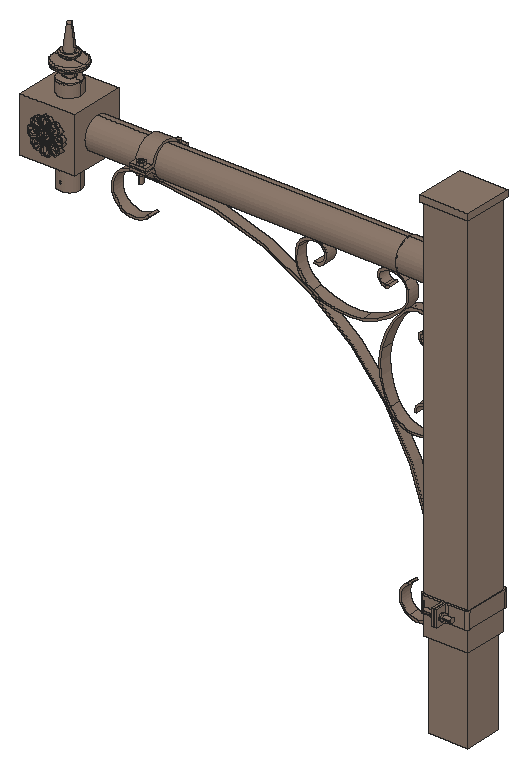
Revit family "PA844", category Generic Models, Revit 2014 (continued)
Forms (in)
  Extrusion 37, solid, material "Bronze, Architectural" <- "ARM"
    sketch origin (213.81534, -9.25, 21.10215) x (0.707107, 0, 0.707107) y (-0.707107, 0, 0.707107)
      loop
        arc (-164.9559, 188.77949) -> (-164.82704, 189.032) -> (-164.72561, 189.29673) r 2.67756
        arc (-164.72561, 189.29673) -> (-164.84823, 189.62242) -> (-165.19363, 189.665) r 0.33619
        arc (-165.19363, 189.665) -> (-165.5385, 189.66131) -> (-165.7324, 189.37609) r 0.37234
        arc (-165.7324, 189.37609) -> (-165.62852, 189.07013) -> (-165.48477, 188.78075) r 2.41708
        arc (-165.48477, 188.78075) -> (-165.47296, 188.79884) -> (-165.4591, 188.81541) r 0.18293
        arc (-165.4591, 188.81541) -> (-165.57146, 189.08202) -> (-165.63463, 189.36437) r 1.6212
        arc (-165.63463, 189.36437) -> (-165.50614, 189.62362) -> (-165.21937, 189.58511) r 0.24827
      loop
        arc (-165.13162, 189.59236) -> (-165.20022, 189.53426) -> (-165.16529, 189.45141) r 0.07594
        arc (-165.16529, 189.45141) -> (-165.03485, 189.15812) -> (-165.13091, 188.85185) r 0.45413
        line (-165.13091, 188.85185) -> (-165.09962, 188.85886)
        arc (-165.09962, 188.85886) -> (-164.95651, 189.0853) -> (-164.90404, 189.34799) r 0.735
        arc (-164.90404, 189.34799) -> (-164.97134, 189.51348) -> (-165.13162, 189.59236) r 0.25115
      loop
        arc (-165.27123, 189.45373) -> (-165.24543, 189.55253) -> (-165.34177, 189.58639) r 0.07538
        arc (-165.34177, 189.58639) -> (-165.47895, 189.50015) -> (-165.53469, 189.34799) r 0.25062
        arc (-165.53469, 189.34799) -> (-165.48171, 189.08402) -> (-165.33723, 188.85683) r 0.735
        line (-165.33723, 188.85683) -> (-165.30495, 188.85683)
        arc (-165.30495, 188.85683) -> (-165.40151, 189.16169) -> (-165.27123, 189.45373) r 0.45011
      loop
        circle (-165.35036, 188.72199) r 0.09375
      loop
        circle (-165.35036, 188.72199) r 0.12852
    from -7 to -6.5
  Extrusion 38, solid, material "Bronze, Architectural" <- "ARM"
    sketch origin (152.08031, -9.25, 202.48818) x (0, 0, 1) y (-1, 0, 0)
      loop
        circle (-165.21937, 188.07928) r 0.20742
      loop
        circle (-165.21937, 188.07928) r 0.375
      loop
        circle (-165.08677, 188.72199) r 0.09375
      loop
        circle (-165.08677, 188.72199) r 0.12852
      loop
        arc (-165.21937, 189.58511) -> (-164.93257, 189.62361) -> (-164.80411, 189.36432) r 0.24827
        arc (-164.80411, 189.36432) -> (-164.86743, 189.08154) -> (-164.98009, 188.81455) r 1.62115
        arc (-164.98009, 188.81455) -> (-164.96654, 188.79802) -> (-164.9559, 188.77949) r 0.12964
        arc (-164.9559, 188.77949) -> (-164.82704, 189.032) -> (-164.72561, 189.29673) r 2.67756
        arc (-164.72561, 189.29673) -> (-164.84823, 189.62242) -> (-165.19363, 189.665) r 0.33619
        arc (-165.19363, 189.665) -> (-165.5385, 189.66131) -> (-165.7324, 189.37609) r 0.37234
        arc (-165.7324, 189.37609) -> (-165.62852, 189.07013) -> (-165.48477, 188.78075) r 2.41708
        arc (-165.48477, 188.78075) -> (-165.47296, 188.79884) -> (-165.4591, 188.81541) r 0.18293
        arc (-165.4591, 188.81541) -> (-165.57146, 189.08202) -> (-165.63463, 189.36437) r 1.6212
        arc (-165.63463, 189.36437) -> (-165.50614, 189.62362) -> (-165.21937, 189.58511) r 0.24827
      loop
        arc (-165.13162, 189.59236) -> (-165.20022, 189.53426) -> (-165.16529, 189.45141) r 0.07594
        arc (-165.16529, 189.45141) -> (-165.03485, 189.15812) -> (-165.13091, 188.85185) r 0.45413
        line (-165.13091, 188.85185) -> (-165.09962, 188.85886)
        arc (-165.09962, 188.85886) -> (-164.95651, 189.0853) -> (-164.90404, 189.34799) r 0.735
        arc (-164.90404, 189.34799) -> (-164.97134, 189.51348) -> (-165.13162, 189.59236) r 0.25115
      loop
        arc (-165.27123, 189.45373) -> (-165.24543, 189.55253) -> (-165.34177, 189.58639) r 0.07538
        arc (-165.34177, 189.58639) -> (-165.47895, 189.50015) -> (-165.53469, 189.34799) r 0.25062
        arc (-165.53469, 189.34799) -> (-165.48171, 189.08402) -> (-165.33723, 188.85683) r 0.735
        line (-165.33723, 188.85683) -> (-165.30495, 188.85683)
        arc (-165.30495, 188.85683) -> (-165.40151, 189.16169) -> (-165.27123, 189.45373) r 0.45011
      loop
        circle (-165.35036, 188.72199) r 0.09375
      loop
        circle (-165.35036, 188.72199) r 0.12852
    from -7 to -6.5
  Extrusion 39, solid, material "Bronze, Architectural" <- "ARM"
    sketch origin (-19.83688, -9.25, 287.08295) x (-0.707107, 0, 0.707107) y (-0.707107, 0, -0.707107)
      loop
        circle (-165.21937, 188.07928) r 0.20742
      loop
        circle (-165.21937, 188.07928) r 0.375
      loop
        circle (-165.08677, 188.72199) r 0.09375
      loop
        circle (-165.08677, 188.72199) r 0.12852
      loop
        arc (-165.21937, 189.58511) -> (-164.93257, 189.62361) -> (-164.80411, 189.36432) r 0.24827
        arc (-164.80411, 189.36432) -> (-164.86743, 189.08154) -> (-164.98009, 188.81455) r 1.62115
        arc (-164.98009, 188.81455) -> (-164.96654, 188.79802) -> (-164.9559, 188.77949) r 0.12964
        arc (-164.9559, 188.77949) -> (-164.82704, 189.032) -> (-164.72561, 189.29673) r 2.67756
        arc (-164.72561, 189.29673) -> (-164.84823, 189.62242) -> (-165.19363, 189.665) r 0.33619
        arc (-165.19363, 189.665) -> (-165.5385, 189.66131) -> (-165.7324, 189.37609) r 0.37234
        arc (-165.7324, 189.37609) -> (-165.62852, 189.07013) -> (-165.48477, 188.78075) r 2.41708
        arc (-165.48477, 188.78075) -> (-165.47296, 188.79884) -> (-165.4591, 188.81541) r 0.18293
        arc (-165.4591, 188.81541) -> (-165.57146, 189.08202) -> (-165.63463, 189.36437) r 1.6212
        arc (-165.63463, 189.36437) -> (-165.50614, 189.62362) -> (-165.21937, 189.58511) r 0.24827
      loop
        arc (-165.13162, 189.59236) -> (-165.20022, 189.53426) -> (-165.16529, 189.45141) r 0.07594
        arc (-165.16529, 189.45141) -> (-165.03485, 189.15812) -> (-165.13091, 188.85185) r 0.45413
        line (-165.13091, 188.85185) -> (-165.09962, 188.85886)
        arc (-165.09962, 188.85886) -> (-164.95651, 189.0853) -> (-164.90404, 189.34799) r 0.735
        arc (-164.90404, 189.34799) -> (-164.97134, 189.51348) -> (-165.13162, 189.59236) r 0.25115
      loop
        arc (-165.27123, 189.45373) -> (-165.24543, 189.55253) -> (-165.34177, 189.58639) r 0.07538
        arc (-165.34177, 189.58639) -> (-165.47895, 189.50015) -> (-165.53469, 189.34799) r 0.25062
        arc (-165.53469, 189.34799) -> (-165.48171, 189.08402) -> (-165.33723, 188.85683) r 0.735
        line (-165.33723, 188.85683) -> (-165.30495, 188.85683)
        arc (-165.30495, 188.85683) -> (-165.40151, 189.16169) -> (-165.27123, 189.45373) r 0.45011
      loop
        circle (-165.35036, 188.72199) r 0.09375
      loop
        circle (-165.35036, 188.72199) r 0.12852
    from -7 to -6.5
  Extrusion 40, solid, material "Bronze, Architectural" <- "ARM"
    sketch origin (-201.22358, -9.25, 225.34644) x (-1, 0, 0) y (0, 0, -1)
      loop
        circle (-165.21937, 188.07928) r 0.20742
      loop
        circle (-165.21937, 188.07928) r 0.375
      loop
        circle (-165.08677, 188.72199) r 0.09375
      loop
        circle (-165.08677, 188.72199) r 0.12852
      loop
        arc (-165.21937, 189.58511) -> (-164.93257, 189.62361) -> (-164.80411, 189.36432) r 0.24827
        arc (-164.80411, 189.36432) -> (-164.86743, 189.08154) -> (-164.98009, 188.81455) r 1.62115
        arc (-164.98009, 188.81455) -> (-164.96654, 188.79802) -> (-164.9559, 188.77949) r 0.12964
        arc (-164.9559, 188.77949) -> (-164.82704, 189.032) -> (-164.72561, 189.29673) r 2.67756
        arc (-164.72561, 189.29673) -> (-164.84823, 189.62242) -> (-165.19363, 189.665) r 0.33619
        arc (-165.19363, 189.665) -> (-165.5385, 189.66131) -> (-165.7324, 189.37609) r 0.37234
        arc (-165.7324, 189.37609) -> (-165.62852, 189.07013) -> (-165.48477, 188.78075) r 2.41708
        arc (-165.48477, 188.78075) -> (-165.47296, 188.79884) -> (-165.4591, 188.81541) r 0.18293
        arc (-165.4591, 188.81541) -> (-165.57146, 189.08202) -> (-165.63463, 189.36437) r 1.6212
        arc (-165.63463, 189.36437) -> (-165.50614, 189.62362) -> (-165.21937, 189.58511) r 0.24827
      loop
        arc (-165.13162, 189.59236) -> (-165.20022, 189.53426) -> (-165.16529, 189.45141) r 0.07594
        arc (-165.16529, 189.45141) -> (-165.03485, 189.15812) -> (-165.13091, 188.85185) r 0.45413
        line (-165.13091, 188.85185) -> (-165.09962, 188.85886)
        arc (-165.09962, 188.85886) -> (-164.95651, 189.0853) -> (-164.90404, 189.34799) r 0.735
        arc (-164.90404, 189.34799) -> (-164.97134, 189.51348) -> (-165.13162, 189.59236) r 0.25115
      loop
        arc (-165.27123, 189.45373) -> (-165.24543, 189.55253) -> (-165.34177, 189.58639) r 0.07538
        arc (-165.34177, 189.58639) -> (-165.47895, 189.50015) -> (-165.53469, 189.34799) r 0.25062
        arc (-165.53469, 189.34799) -> (-165.48171, 189.08402) -> (-165.33723, 188.85683) r 0.735
        line (-165.33723, 188.85683) -> (-165.30495, 188.85683)
        arc (-165.30495, 188.85683) -> (-165.40151, 189.16169) -> (-165.27123, 189.45373) r 0.45011
      loop
        circle (-165.35036, 188.72199) r 0.09375
      loop
        circle (-165.35036, 188.72199) r 0.12852
    from -7 to -6.5
  Extrusion 41, solid, material "Bronze, Architectural" <- "ARM"
    sketch origin (-285.82483, -9.25, 53.43476) x (-0.707107, 0, -0.707107) y (0.707107, 0, -0.707107)
      loop
        circle (-165.21937, 188.07928) r 0.20742
      loop
        circle (-165.21937, 188.07928) r 0.375
      loop
        circle (-165.08677, 188.72199) r 0.09375
      loop
        circle (-165.08677, 188.72199) r 0.12852
      loop
        arc (-165.21937, 189.58511) -> (-164.93257, 189.62361) -> (-164.80411, 189.36432) r 0.24827
        arc (-164.80411, 189.36432) -> (-164.86743, 189.08154) -> (-164.98009, 188.81455) r 1.62115
        arc (-164.98009, 188.81455) -> (-164.96654, 188.79802) -> (-164.9559, 188.77949) r 0.12964
        arc (-164.9559, 188.77949) -> (-164.82704, 189.032) -> (-164.72561, 189.29673) r 2.67756
        arc (-164.72561, 189.29673) -> (-164.84823, 189.62242) -> (-165.19363, 189.665) r 0.33619
        arc (-165.19363, 189.665) -> (-165.5385, 189.66131) -> (-165.7324, 189.37609) r 0.37234
        arc (-165.7324, 189.37609) -> (-165.62852, 189.07013) -> (-165.48477, 188.78075) r 2.41708
        arc (-165.48477, 188.78075) -> (-165.47296, 188.79884) -> (-165.4591, 188.81541) r 0.18293
        arc (-165.4591, 188.81541) -> (-165.57146, 189.08202) -> (-165.63463, 189.36437) r 1.6212
        arc (-165.63463, 189.36437) -> (-165.50614, 189.62362) -> (-165.21937, 189.58511) r 0.24827
      loop
        arc (-165.13162, 189.59236) -> (-165.20022, 189.53426) -> (-165.16529, 189.45141) r 0.07594
        arc (-165.16529, 189.45141) -> (-165.03485, 189.15812) -> (-165.13091, 188.85185) r 0.45413
        line (-165.13091, 188.85185) -> (-165.09962, 188.85886)
        arc (-165.09962, 188.85886) -> (-164.95651, 189.0853) -> (-164.90404, 189.34799) r 0.735
        arc (-164.90404, 189.34799) -> (-164.97134, 189.51348) -> (-165.13162, 189.59236) r 0.25115
      loop
        arc (-165.27123, 189.45373) -> (-165.24543, 189.55253) -> (-165.34177, 189.58639) r 0.07538
        arc (-165.34177, 189.58639) -> (-165.47895, 189.50015) -> (-165.53469, 189.34799) r 0.25062
        arc (-165.53469, 189.34799) -> (-165.48171, 189.08402) -> (-165.33723, 188.85683) r 0.735
        line (-165.33723, 188.85683) -> (-165.30495, 188.85683)
        arc (-165.30495, 188.85683) -> (-165.40151, 189.16169) -> (-165.27123, 189.45373) r 0.45011
      loop
        circle (-165.35036, 188.72199) r 0.09375
      loop
        circle (-165.35036, 188.72199) r 0.12852
    from -7 to -6.5
  Extrusion 42, solid, material "Bronze, Architectural" <- "ARM"
    sketch origin (-224.08349, -9.25, -127.9522) x (0, 0, -1) y (1, 0, 0)
      loop
        circle (-165.21937, 188.07928) r 0.20742
      loop
        circle (-165.21937, 188.07928) r 0.375
      loop
        circle (-165.08677, 188.72199) r 0.09375
      loop
        circle (-165.08677, 188.72199) r 0.12852
      loop
        arc (-165.21937, 189.58511) -> (-164.93257, 189.62361) -> (-164.80411, 189.36432) r 0.24827
        arc (-164.80411, 189.36432) -> (-164.86743, 189.08154) -> (-164.98009, 188.81455) r 1.62115
        arc (-164.98009, 188.81455) -> (-164.96654, 188.79802) -> (-164.9559, 188.77949) r 0.12964
        arc (-164.9559, 188.77949) -> (-164.82704, 189.032) -> (-164.72561, 189.29673) r 2.67756
        arc (-164.72561, 189.29673) -> (-164.84823, 189.62242) -> (-165.19363, 189.665) r 0.33619
        arc (-165.19363, 189.665) -> (-165.5385, 189.66131) -> (-165.7324, 189.37609) r 0.37234
        arc (-165.7324, 189.37609) -> (-165.62852, 189.07013) -> (-165.48477, 188.78075) r 2.41708
        arc (-165.48477, 188.78075) -> (-165.47296, 188.79884) -> (-165.4591, 188.81541) r 0.18293
        arc (-165.4591, 188.81541) -> (-165.57146, 189.08202) -> (-165.63463, 189.36437) r 1.6212
        arc (-165.63463, 189.36437) -> (-165.50614, 189.62362) -> (-165.21937, 189.58511) r 0.24827
      loop
        arc (-165.13162, 189.59236) -> (-165.20022, 189.53426) -> (-165.16529, 189.45141) r 0.07594
        arc (-165.16529, 189.45141) -> (-165.03485, 189.15812) -> (-165.13091, 188.85185) r 0.45413
        line (-165.13091, 188.85185) -> (-165.09962, 188.85886)
        arc (-165.09962, 188.85886) -> (-164.95651, 189.0853) -> (-164.90404, 189.34799) r 0.735
        arc (-164.90404, 189.34799) -> (-164.97134, 189.51348) -> (-165.13162, 189.59236) r 0.25115
      loop
        arc (-165.27123, 189.45373) -> (-165.24543, 189.55253) -> (-165.34177, 189.58639) r 0.07538
        arc (-165.34177, 189.58639) -> (-165.47895, 189.50015) -> (-165.53469, 189.34799) r 0.25062
        arc (-165.53469, 189.34799) -> (-165.48171, 189.08402) -> (-165.33723, 188.85683) r 0.735
        line (-165.33723, 188.85683) -> (-165.30495, 188.85683)
        arc (-165.30495, 188.85683) -> (-165.40151, 189.16169) -> (-165.27123, 189.45373) r 0.45011
      loop
        circle (-165.35036, 188.72199) r 0.09375
      loop
        circle (-165.35036, 188.72199) r 0.12852
    from -7 to -6.5
  Extrusion 43, solid, material "Bronze, Architectural" <- "ARM"
    sketch origin (-52.16864, -9.25, -212.55163) x (0.707107, 0, -0.707107) y (0.707107, 0, 0.707107)
      loop
        circle (-165.21937, 188.07928) r 0.20742
      loop
        circle (-165.21937, 188.07928) r 0.375
      loop
        circle (-165.08677, 188.72199) r 0.09375
      loop
        circle (-165.08677, 188.72199) r 0.12852
      loop
        arc (-165.21937, 189.58511) -> (-164.93257, 189.62361) -> (-164.80411, 189.36432) r 0.24827
        arc (-164.80411, 189.36432) -> (-164.86743, 189.08154) -> (-164.98009, 188.81455) r 1.62115
        arc (-164.98009, 188.81455) -> (-164.96654, 188.79802) -> (-164.9559, 188.77949) r 0.12964
        arc (-164.9559, 188.77949) -> (-164.82704, 189.032) -> (-164.72561, 189.29673) r 2.67756
        arc (-164.72561, 189.29673) -> (-164.84823, 189.62242) -> (-165.19363, 189.665) r 0.33619
        arc (-165.19363, 189.665) -> (-165.5385, 189.66131) -> (-165.7324, 189.37609) r 0.37234
        arc (-165.7324, 189.37609) -> (-165.62852, 189.07013) -> (-165.48477, 188.78075) r 2.41708
        arc (-165.48477, 188.78075) -> (-165.47296, 188.79884) -> (-165.4591, 188.81541) r 0.18293
        arc (-165.4591, 188.81541) -> (-165.57146, 189.08202) -> (-165.63463, 189.36437) r 1.6212
        arc (-165.63463, 189.36437) -> (-165.50614, 189.62362) -> (-165.21937, 189.58511) r 0.24827
      loop
        arc (-165.13162, 189.59236) -> (-165.20022, 189.53426) -> (-165.16529, 189.45141) r 0.07594
        arc (-165.16529, 189.45141) -> (-165.03485, 189.15812) -> (-165.13091, 188.85185) r 0.45413
        line (-165.13091, 188.85185) -> (-165.09962, 188.85886)
        arc (-165.09962, 188.85886) -> (-164.95651, 189.0853) -> (-164.90404, 189.34799) r 0.735
        arc (-164.90404, 189.34799) -> (-164.97134, 189.51348) -> (-165.13162, 189.59236) r 0.25115
      loop
        arc (-165.27123, 189.45373) -> (-165.24543, 189.55253) -> (-165.34177, 189.58639) r 0.07538
        arc (-165.34177, 189.58639) -> (-165.47895, 189.50015) -> (-165.53469, 189.34799) r 0.25062
        arc (-165.53469, 189.34799) -> (-165.48171, 189.08402) -> (-165.33723, 188.85683) r 0.735
        line (-165.33723, 188.85683) -> (-165.30495, 188.85683)
        arc (-165.30495, 188.85683) -> (-165.40151, 189.16169) -> (-165.27123, 189.45373) r 0.45011
      loop
        circle (-165.35036, 188.72199) r 0.09375
      loop
        circle (-165.35036, 188.72199) r 0.12852
    from -7 to -6.5
  Extrusion 44, solid, material "Bronze, Architectural" <- "TOP CAP"
    sketch origin (0, 0, -0.4375) x (1, 0, 0) y (0, 0, 1)
      loop
        line (2.18787, 44) -> (2.18787, 44.5625) -> (-2.188, 44.5625) -> (-2.188, 44) -> (2.18787, 44)
    from -2.25036 to 2.25064
  Extrusion 45, void
    sketch origin (0, 0, 0) x (1, 0, 0) y (0, 0, 1)
      loop
        line (1.875, 44) -> (-1.875, 44) -> (-1.875, 8.1158) -> (1.875, 8.1158) -> (1.875, 44)
    from -1.92162 to 1.875
  Extrusion 46, solid, material "Bronze, Architectural"
    sketch origin (-154.51974, 11.89416, 25.42948) x (0, -1, 0) y (1, 0, 0)
      loop
        line (13.77781, 126.34123) -> (14.0444, 126.34123) -> (14.2329, 126.52974) -> (14.2329, 126.79633) -> (14.0444, 126.98484) -> (13.77781, 126.98484) -> (13.5893, 126.79633) -> (13.5893, 126.52974) -> (13.77781, 126.34123)
    from 12.1198 to 12.33769
  Extrusion 47, solid, material "Bronze, Architectural"
    sketch origin (-154.51974, 15.93058, 25.42948) x (0, -1, 0) y (1, 0, 0)
      loop
        line (13.77781, 126.34123) -> (14.0444, 126.34123) -> (14.2329, 126.52974) -> (14.2329, 126.79633) -> (14.0444, 126.98484) -> (13.77781, 126.98484) -> (13.5893, 126.79633) -> (13.5893, 126.52974) -> (13.77781, 126.34123)
    from 12.1198 to 12.33769
  Extrusion 48, solid, material "Bronze, Architectural"
    sketch origin (-12.55936, 11.06586, -115.90254) x (0, 0, 1) y (0, -1, 0)
      loop
        line (126.34123, 13.77781) -> (126.52974, 13.5893) -> (126.79633, 13.5893) -> (126.98484, 13.77781) -> (126.98484, 14.0444) -> (126.79633, 14.2329) -> (126.52974, 14.2329) -> (126.34123, 14.0444) -> (126.34123, 13.77781)
    from 12.1198 to 12.33769
  Extrusion 49, solid, material "Bronze, Architectural"
    sketch origin (-11.8989, 11.06586, -115.90254) x (0, 0, 1) y (0, -1, 0)
      loop
        line (126.34123, 13.77781) -> (126.52974, 13.5893) -> (126.79633, 13.5893) -> (126.98484, 13.77781) -> (126.98484, 14.0444) -> (126.79633, 14.2329) -> (126.52974, 14.2329) -> (126.34123, 14.0444) -> (126.34123, 13.77781)
    from 12.1198 to 12.33769
  Extrusion 50, solid, material "Bronze, Architectural"
    sketch origin (-12.56034, 16.69589, -115.90696) x (0, 0, 1) y (0, -1, 0)
      loop
        line (126.34123, 13.77781) -> (126.52974, 13.5893) -> (126.79633, 13.5893) -> (126.98484, 13.77781) -> (126.98484, 14.0444) -> (126.79633, 14.2329) -> (126.52974, 14.2329) -> (126.34123, 14.0444) -> (126.34123, 13.77781)
    from 12.1198 to 12.33769
  Extrusion 51, solid, material "Bronze, Architectural"
    sketch origin (-11.90098, 16.69589, -115.90254) x (0, 0, 1) y (0, -1, 0)
      loop
        line (126.34123, 13.77781) -> (126.52974, 13.5893) -> (126.79633, 13.5893) -> (126.98484, 13.77781) -> (126.98484, 14.0444) -> (126.79633, 14.2329) -> (126.52974, 14.2329) -> (126.34123, 14.0444) -> (126.34123, 13.77781)
    from 12.1198 to 12.33769
  Extrusion 52, solid, material "Bronze, Architectural"
    sketch origin (-154.51974, 15.93058, 24.64774) x (0, -1, 0) y (1, 0, 0)
      loop
        line (13.77781, 126.34123) -> (14.0444, 126.34123) -> (14.2329, 126.52974) -> (14.2329, 126.79633) -> (14.0444, 126.98484) -> (13.77781, 126.98484) -> (13.5893, 126.79633) -> (13.5893, 126.52974) -> (13.77781, 126.34123)
    from 12.1198 to 12.33769
  Extrusion 53, solid, material "Bronze, Architectural"
    sketch origin (-154.51974, 11.89416, 24.64774) x (0, -1, 0) y (1, 0, 0)
      loop
        line (13.77781, 126.34123) -> (14.0444, 126.34123) -> (14.2329, 126.52974) -> (14.2329, 126.79633) -> (14.0444, 126.98484) -> (13.77781, 126.98484) -> (13.5893, 126.79633) -> (13.5893, 126.52974) -> (13.77781, 126.34123)
    from 12.1198 to 12.33769
Cuts and joins
  Revolve 5 cuts Extrusion 1
  Revolve 5, Extrusion 6 cuts Revolve 2
  Extrusion 13 cuts Extrusion 11
  Extrusion 13, Extrusion 45 cuts Extrusion 12
  Extrusion 45 cuts Extrusion 26
  Extrusion 45 cuts Extrusion 27
  Extrusion 45 cuts Revolve 30
  Extrusion 45 cuts Extrusion 33
  Extrusion 45 cuts Extrusion 44
Dimensions and locks (in)
  aligned and locked: plane 2 to level
